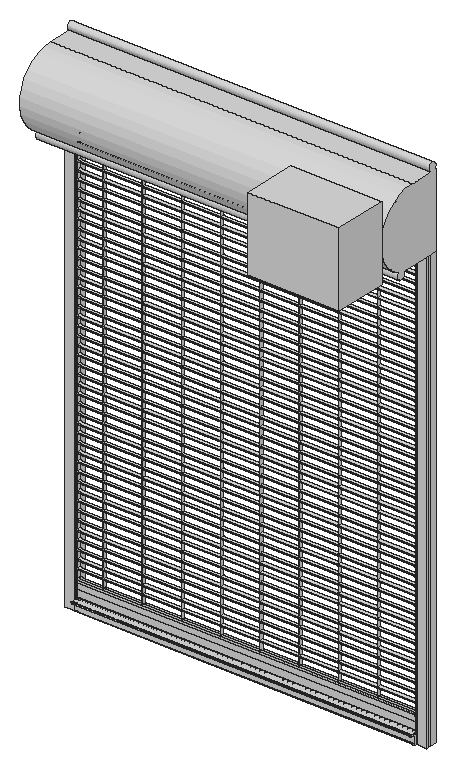
Revit family
Parameters (values of type "Motor Operated, Aluminium (Mill Finish), 9" Vertical Spacing")
  Spec Wizard = "http://www.clopaydoor.com/Quick-Specs-Wizard.aspx"
  Sizing Disclaimer = "Openings up to 40’ wide x 20’ high standard construction. Consult Clopay for larger sizes. "  # constant formula
  Sales Information = "http://www.clopaydoor.com/where-to-buy.aspx?type=dealer&stype=commercial"
  Product Options = "Open Curtain Brick Pattern, Glazed Curtain, Injection molded link curtain. High Cycle Construction (>20/day)"  # constant formula
  Product Features and Benefits = "http://www.clopaydoor.com/sliding-applications.aspx"
  Motor = yes
  Manufacturer Website = "http://www.clopaydoor.com"
  Manufacturer Phone Number = "1-800-526-4301"
  Manufacturer Address = "1400 W. Market St., Troy, OH 45373"
  Hand Crank = no
  Function = (empty or 0)
  File Revision = "00 (Feb, 2011)"
  Drip Extension = 0' - 5"
  Curtain Rods 2In OC Standard = Aluminum, mill finish
  CAD and Specifications = "http://www.clopaydoor.com/sliding-specs.aspx"
  Bottom Bar = Aluminum, mill finish
  Guides = Aluminum, mill finish
  Hood = Aluminum, mill finish
  Mounting = "Face of Wall "  # constant formula
  Wall Construction = "Self supporting tubes, Masonry, Steel or Wood"  # constant formula
  Vertical Spacing = 0' - 2"  # constant formula
  URL = "http://www.clopaydoor.com"
  Subcategory = "Roll Up"
  Shutter Width = Width + 2 * 0' 2 1/2" + 2 * 0' 0 15/32"  # 6' - 5 15/16"
  Shutter Height = Height - 0' 4 205/256"  # 7' - 7 51/256"
  Optional aluminum, color anodized finish = no
  Operator Height = 5' - 4"
  Operator = Operator : Motor Operator
  Horizontal Spacing = if(Curtain Spacing Vertical Chains 3In OC, 0' 3", if(Curtain Spacing Vertical Chains 6In OC, 0' 6", 0' 9"))  # 0' - 9"
  Operation = ""
  From Coil Side Operate on Right = yes
  From Coil Side Operate on Left = not(From Coil Side Operate on Right)  # no
  Curtain Spacing Vertical Chains 9In OC = yes
  Curtain Spacing Vertical Chains 6In OC = no
  Curtain Spacing Vertical Chains 3In OC = no
  Model = "CESG10"  # constant formula
  Manufacturer = "Clopay Building Products Company"  # constant formula
  Height = 8' - 0"
  Wall Closure = (empty or 0)
  Width = 6' - 0"
  Description = "Built to order, open curtain grilles provide security, visual access of separated areas."  # constant formula
  Construction Type = ""
  Assembly Code = "B2030410"
  95 CSI = "08330"  # constant formula
  Coil Dimension Note = "13” to 20” - Consult Clopay when dimensions are critical."  # constant formula
  Jamb Dimension Note = "5” to 6 1/2” wide. Consult Clopay when dimensions are critical. "  # constant formula
  04 CSI = "08 33 00"  # constant formula
  # Of Shutters = (Shutter Height / Vertical Spacing)  # 46
Reference planes (in)
  plane 1 "Center (Front/Back)": y = 0
  plane 2 "Center (Left/Right)": x = 36
  plane 3 "Left": x = 0
  plane 4 "Right": x = 72
  plane 5 "Top": z = 96
  plane 6 "Wall Edge": y = -4.25
  plane 7: y = -4.25
  plane 8 "Top of Hood": z = 118
  plane 9: y = -17.875
  plane 10: z = 101
  plane 11: z = 4.39975
  plane 12: z = 4.39975
  plane 13: z = 6.41361
  plane 14: z = 10.41361
  plane 15: y = -6.125
  plane 16: x = -5.5
  plane 17: x = 77.5
  plane 18: x = -3
  plane 19: x = 75
Forms (in)
  Sweep 1, solid, material "Aluminum, mill finish" <- "Guides"
    path origin (-95.55277, -6.125, 84) x (-1, 0, 0) y (0, 0, 1)
      loop
        line (-170.55277, -84) -> (-92.55277, -84)
    profile "Profile_BottomBar : Profile_BottomBar" origin (36, -6.125, 0) x (0, 0, 1) y (0, 1, 0)
      loop
        arc (2.58725, 0.14) -> (2.54306, 0.15831) -> (2.52475, 0.2025) r 0.0625
        line (2.52475, 0.2025) -> (2.52475, 1.9525)
        arc (2.52475, 1.9525) -> (2.50644, 1.99669) -> (2.46225, 2.015) r 0.0625
        line (2.46225, 2.015) -> (2.39975, 2.015) -> (2.39975, 0.015) -> (2.33875, 0.015) -> (2.33875, 0.157)
        arc (2.33875, 0.157) -> (2.24825, 0.2475) -> (2.15775, 0.157) r 0.0905
        line (2.15775, 0.157) -> (2.15775, 0.0625) -> (2.09375, 0.0625) -> (2.09375, 1.84625) -> (1.96875, 1.84625) -> (1.96875, 1.09625)
        arc (1.96875, 1.09625) -> (1.93214, 1.00786) -> (1.84375, 0.97125) r 0.125
        line (1.84375, 0.97125) -> (0.25, 0.97125)
        arc (0.25, 0.97125) -> (0.07322, 0.89803) -> (0, 0.72125) r 0.25
        line (0, 0.72125) -> (0, -0.77875)
        arc (0, -0.77875) -> (0.07322, -0.95553) -> (0.25, -1.02875) r 0.25
        line (0.25, -1.02875) -> (1.84375, -1.02875)
        arc (1.84375, -1.02875) -> (1.93214, -1.06536) -> (1.96875, -1.15375) r 0.125
        line (1.96875, -1.15375) -> (1.96875, -1.90375) -> (2.09375, -1.90375) -> (2.09375, -0.0625) -> (2.15775, -0.0625) -> (2.15775, -0.157)
        arc (2.15775, -0.157) -> (2.24825, -0.2475) -> (2.33875, -0.157) r 0.0905
        line (2.33875, -0.157) -> (2.33875, -0.015) -> (2.39975, -0.015) -> (2.39975, -2.015) -> (2.46225, -2.015)
        arc (2.46225, -2.015) -> (2.50644, -1.99669) -> (2.52475, -1.9525) r 0.0625
        line (2.52475, -1.9525) -> (2.52475, -0.2025)
        arc (2.52475, -0.2025) -> (2.54306, -0.15831) -> (2.58725, -0.14) r 0.0625
        line (2.58725, -0.14) -> (4.33725, -0.14)
        arc (4.33725, -0.14) -> (4.38144, -0.12169) -> (4.39975, -0.0775) r 0.0625
        line (4.39975, -0.0775) -> (4.39975, 0.0775)
        arc (4.39975, 0.0775) -> (4.38144, 0.12169) -> (4.33725, 0.14) r 0.0625
        line (4.33725, 0.14) -> (2.58725, 0.14)
  Sweep 2, solid, material "Aluminum, mill finish" <- "Guides"
    path origin (-60, -4.25, 0) x (1, 0, 0) y (0, 0, 1)
      loop
        line (137.5, 101) -> (137.5, 0)
    profile "Guide-Profile : Guide-Profile" origin (77.5, -4.25, 50.5) x (1, 0, 0) y (0, -1, 0)
      loop
        line (-2.5, 1.564) -> (-2.5, 0.062) -> (-2.375, 0) -> (-0.395, 0) -> (0, 0) -> (0, 1.438) -> (-0.063, 1.438) -> (-0.063, 2.1885) -> (0, 2.1885) -> (0, 2.501) -> (-2.375, 2.501) -> (-2.5, 2.439) -> (-2.5, 2.188) -> (-2.36, 2.188) -> (-2.36, 2.25) -> (-2.438, 2.25) -> (-2.438, 2.315) -> (-2.36, 2.315) -> (-2.36, 2.392) -> (-2.14, 2.392) -> (-2.14, 2.315) -> (-2.062, 2.315) -> (-2.062, 2.25) -> (-2.14, 2.25) -> (-2.14, 2.188) -> (-2, 2.188) -> (-2, 2.392) -> (-0.188, 2.392) -> (-0.188, 1.36) -> (-2, 1.36) -> (-2, 1.564) -> (-2.14, 1.564) -> (-2.14, 1.502) -> (-2.062, 1.502) -> (-2.062, 1.437) -> (-2.438, 1.437) -> (-2.438, 1.502) -> (-2.36, 1.502) -> (-2.36, 1.564) -> (-2.5, 1.564)
      loop
        line (-0.28474, 0.25) -> (-0.125, 0.25) -> (-0.125, 1.126)
        arc (-0.125, 1.126) -> (-0.16161, 1.21439) -> (-0.25, 1.251) r 0.125
        line (-0.25, 1.251) -> (-2.313, 1.251) -> (-2.313, 1.18866)
        arc (-2.313, 1.18866) -> (-2.3285, 1.16181) -> (-2.3595, 1.16181) r 0.031
        line (-2.3595, 1.16181) -> (-2.3915, 1.18029)
        arc (-2.3915, 1.18029) -> (-2.4225, 1.18029) -> (-2.438, 1.15344) r 0.031
        line (-2.438, 1.15344) -> (-2.438, 0.10046) -> (-2.36047, 0.062) -> (-0.457, 0.062) -> (-0.457, 0.16318) -> (-0.28474, 0.25)
  Sweep 3, solid, material "Aluminum, mill finish" <- "Guides"
    path origin (-60, -4.25, 0) x (1, 0, 0) y (0, 0, 1)
      loop
        line (54.5, 101) -> (54.5, 0)
    profile "Guide-Profile : Guide-Profile" origin (-5.5, -4.25, 50.5) x (1, 0, 0) y (0, -1, 0)
      loop
        line (2.5, 1.564) -> (2.36, 1.564) -> (2.36, 1.502) -> (2.438, 1.502) -> (2.438, 1.437) -> (2.062, 1.437) -> (2.062, 1.502) -> (2.14, 1.502) -> (2.14, 1.564) -> (2, 1.564) -> (2, 1.36) -> (0.188, 1.36) -> (0.188, 2.392) -> (2, 2.392) -> (2, 2.188) -> (2.14, 2.188) -> (2.14, 2.25) -> (2.062, 2.25) -> (2.062, 2.315) -> (2.14, 2.315) -> (2.14, 2.392) -> (2.36, 2.392) -> (2.36, 2.315) -> (2.438, 2.315) -> (2.438, 2.25) -> (2.36, 2.25) -> (2.36, 2.188) -> (2.5, 2.188) -> (2.5, 2.439) -> (2.375, 2.501) -> (0, 2.501) -> (0, 2.1885) -> (0.063, 2.1885) -> (0.063, 1.438) -> (0, 1.438) -> (0, 0) -> (0.395, 0) -> (2.375, 0) -> (2.5, 0.062) -> (2.5, 1.564)
      loop
        line (0.28474, 0.25) -> (0.457, 0.16318) -> (0.457, 0.062) -> (2.36047, 0.062) -> (2.438, 0.10046) -> (2.438, 1.15344)
        arc (2.438, 1.15344) -> (2.4225, 1.18029) -> (2.3915, 1.18029) r 0.031
        line (2.3915, 1.18029) -> (2.3595, 1.16181)
        arc (2.3595, 1.16181) -> (2.3285, 1.16181) -> (2.313, 1.18866) r 0.031
        line (2.313, 1.18866) -> (2.313, 1.251) -> (0.25, 1.251)
        arc (0.25, 1.251) -> (0.16161, 1.21439) -> (0.125, 1.126) r 0.125
        line (0.125, 1.126) -> (0.125, 0.25) -> (0.28474, 0.25)
  Sweep 4, solid, material "Aluminum, mill finish" <- "Bottom Bar"
    path origin (-95.55277, -6.125, 84) x (-1, 0, 0) y (0, 0, 1)
      loop
        line (-170.55277, -79.60025) -> (-92.55277, -79.60025)
    profile "Profile-Sill : Profile-Sill" origin (36, -6.125, 4.39975) x (0, 0, 1) y (0, 1, 0)
      loop
        line (0, -0.39468) -> (1.2138, -0.39468) -> (1.30422, -0.37378) -> (1.81639, -0.37378)
        arc (1.81639, -0.37378) -> (2.05512, -0.41278) -> (2.27526, -0.3125) r 0.41644
        line (2.27526, -0.3125) -> (2.22428, -0.3125)
        arc (2.22428, -0.3125) -> (1.63688, 0) -> (2.22428, 0.3125) r 0.37683
        line (2.22428, 0.3125) -> (2.27526, 0.3125)
        arc (2.27526, 0.3125) -> (2.14079, 0.39192) -> (1.98652, 0.41622) r 0.41644
        line (1.98652, 0.41622) -> (0, 0.41622) -> (0, -0.39468)
Lines and regions (in)
  Opening 1
    outline origin (-90, -4.25, 0) x (1, 0, 0) y (0, 0, 1)
      loop
        line (90, 0) -> (162, 0) -> (162, 96) -> (90, 96) -> (90, 0)
Text (in)
  text "Exterior" at (-74.96733, 27.31104, 0), in view "Ref. Level"
  text "Interior" at (-74.96733, -25.14366, 0), in view "Ref. Level"
  text "Exterior" at (0, 40.15149, 123.01588), in view "Right"
  text "Interior" at (0, -64.39139, 123.01588), in view "Right"
  text "Interior" at (0, -63.63426, 123.00693), in view "Left"
  text "Exterior" at (0, 54.57065, 123.00693), in view "Left"
Dimensions and locks (in)
  equal spacing: plane 3 "Left", plane 2 "Center (Left/Right)", plane 4 "Right"
  "Height": level to plane 5 "Top"
  "Width": plane 3 "Left" to plane 4 "Right"
  locked: plane 7 to plane 6 "Wall Edge"
  "Drip Extension": plane 10 to plane 5 "Top"
  locked: plane 8 "Top of Hood" to plane 10 at 17
  locked: level to plane 11 at 4.39975
  locked: level to plane 12 at 4.39975
  locked: plane 6 "Wall Edge" to plane 9 at 13.625
  locked: plane 13 to level at 6.41361
  equal spacing: group 1, group 2, group 3, group 4, group 5, group 6, group 7, group 8, group 9, group 10, group 11, group 12, group 13, group 14, group 15, group 16, group 17, group 18, group 19, group 20, group 21, group 22, group 23, group 24, group 25, group 26, group 27, group 28, group 29, group 30, group 31, group 32, group 33, group 34, group 35, group 36, group 37, group 38, group 39, group 40, group 41, group 42, group 43, group 44, group 45, group 46  (x3)
  locked: level to plane 14 at 10.41361
  locked: plane 6 "Wall Edge" to plane 15 at 1.875
  locked: plane 16 to plane 3 "Left" at 5.5
  locked: plane 4 "Right" to plane 17 at 5.5
  locked: plane 16 to plane 18 at 2.5
  locked: plane 19 to plane 17 at 2.5
  aligned and locked: plane 3 "Left" to Opening 1 sketch curve
  aligned and locked: plane 5 "Top" to Opening 1 sketch curve  (x2)
  aligned and locked: Opening 1 sketch curve to plane 4 "Right"
  aligned and locked: Opening 1 sketch curve to level
  aligned and locked: plane 6 "Wall Edge" to host wall
  aligned and locked: nested 1 to plane 2 "Center (Left/Right)"
  aligned and locked: nested 1 to host wall
  aligned and locked: level to Sweep 2 sketch curve
  aligned and locked: level to Sweep 3 sketch curve
  aligned and locked: Sweep 4 sketch curve to plane 12
  aligned and locked: nested 2 to plane 13
  aligned and locked: nested 3 to plane 2 "Center (Left/Right)"
  aligned and locked: nested 3 to plane 14
  aligned and locked: nested 2 to plane 15
  aligned and locked: nested 47 to plane 15
  aligned and locked: Sweep 3 sketch curve to plane 16
  aligned and locked: plane 17 to Sweep 2 sketch curve
  aligned and locked: plane 18 to Sweep 1 sketch curve
  aligned and locked: plane 19 to Sweep 1 sketch curve
  aligned and locked: Sweep 1 sketch curve to level
  aligned and locked: plane 19 to Sweep 4 sketch curve
  aligned and locked: plane 18 to Sweep 4 sketch curve
  aligned and locked: plane 10 to Sweep 3 sketch curve
  aligned and locked: plane 10 to Sweep 2 sketch curve
Nested families (in)
  nested 1: "Operator" at (36, -12.75, 13.50377), type <- "Operator", type "Motor Operator"
    with Right Motor Visible no, Motor yes, Left Motor Visible no
  nested 2: "Nested Gard Horizontal" at (-1.19082, -6.125, 9.81986), Shutter Material <- "Curtain Rods 2In OC Standard", Distance Horizontal Placement <- "Horizontal Spacing", type "Nested Gard Horizontal"
    with Shutter Material Aluminum, mill finish, No Of Stuts 9, Distance Horizontal Placement 0' - 9", Width 6' - 5 15/16"
  nested 3: "Nested Gard Horizontal" at (-1.19082, -6.125, 11.81986), Shutter Material <- "Curtain Rods 2In OC Standard", Distance Horizontal Placement <- "Horizontal Spacing", type "Nested Gard Horizontal"
    with Shutter Material Aluminum, mill finish, No Of Stuts 9, Distance Horizontal Placement 0' - 9", Width 6' - 5 15/16"
  nested 4: "Nested Gard Horizontal" at (-1.19082, -6.125, 13.81986), Shutter Material <- "Curtain Rods 2In OC Standard", Distance Horizontal Placement <- "Horizontal Spacing", type "Nested Gard Horizontal"
    with Shutter Material Aluminum, mill finish, No Of Stuts 9, Distance Horizontal Placement 0' - 9", Width 6' - 5 15/16"
  nested 5: "Nested Gard Horizontal" at (-1.19082, -6.125, 15.81986), Shutter Material <- "Curtain Rods 2In OC Standard", Distance Horizontal Placement <- "Horizontal Spacing", type "Nested Gard Horizontal"
    with Shutter Material Aluminum, mill finish, No Of Stuts 9, Distance Horizontal Placement 0' - 9", Width 6' - 5 15/16"
  nested 6: "Nested Gard Horizontal" at (-1.19082, -6.125, 17.81986), Shutter Material <- "Curtain Rods 2In OC Standard", Distance Horizontal Placement <- "Horizontal Spacing", type "Nested Gard Horizontal"
    with Shutter Material Aluminum, mill finish, No Of Stuts 9, Distance Horizontal Placement 0' - 9", Width 6' - 5 15/16"
  nested 7: "Nested Gard Horizontal" at (-1.19082, -6.125, 19.81986), Shutter Material <- "Curtain Rods 2In OC Standard", Distance Horizontal Placement <- "Horizontal Spacing", type "Nested Gard Horizontal"
    with Shutter Material Aluminum, mill finish, No Of Stuts 9, Distance Horizontal Placement 0' - 9", Width 6' - 5 15/16"
  nested 8: "Nested Gard Horizontal" at (-1.19082, -6.125, 21.81986), Shutter Material <- "Curtain Rods 2In OC Standard", Distance Horizontal Placement <- "Horizontal Spacing", type "Nested Gard Horizontal"
    with Shutter Material Aluminum, mill finish, No Of Stuts 9, Distance Horizontal Placement 0' - 9", Width 6' - 5 15/16"
  nested 9: "Nested Gard Horizontal" at (-1.19082, -6.125, 23.81986), Shutter Material <- "Curtain Rods 2In OC Standard", Distance Horizontal Placement <- "Horizontal Spacing", type "Nested Gard Horizontal"
    with Shutter Material Aluminum, mill finish, No Of Stuts 9, Distance Horizontal Placement 0' - 9", Width 6' - 5 15/16"
  nested 10: "Nested Gard Horizontal" at (-1.19082, -6.125, 25.81986), Shutter Material <- "Curtain Rods 2In OC Standard", Distance Horizontal Placement <- "Horizontal Spacing", type "Nested Gard Horizontal"
    with Shutter Material Aluminum, mill finish, No Of Stuts 9, Distance Horizontal Placement 0' - 9", Width 6' - 5 15/16"
  nested 11: "Nested Gard Horizontal" at (-1.19082, -6.125, 27.81986), Shutter Material <- "Curtain Rods 2In OC Standard", Distance Horizontal Placement <- "Horizontal Spacing", type "Nested Gard Horizontal"
    with Shutter Material Aluminum, mill finish, No Of Stuts 9, Distance Horizontal Placement 0' - 9", Width 6' - 5 15/16"
  nested 12: "Nested Gard Horizontal" at (-1.19082, -6.125, 29.81986), Shutter Material <- "Curtain Rods 2In OC Standard", Distance Horizontal Placement <- "Horizontal Spacing", type "Nested Gard Horizontal"
    with Shutter Material Aluminum, mill finish, No Of Stuts 9, Distance Horizontal Placement 0' - 9", Width 6' - 5 15/16"
  nested 13: "Nested Gard Horizontal" at (-1.19082, -6.125, 31.81986), Shutter Material <- "Curtain Rods 2In OC Standard", Distance Horizontal Placement <- "Horizontal Spacing", type "Nested Gard Horizontal"
    with Shutter Material Aluminum, mill finish, No Of Stuts 9, Distance Horizontal Placement 0' - 9", Width 6' - 5 15/16"
  nested 14: "Nested Gard Horizontal" at (-1.19082, -6.125, 33.81986), Shutter Material <- "Curtain Rods 2In OC Standard", Distance Horizontal Placement <- "Horizontal Spacing", type "Nested Gard Horizontal"
    with Shutter Material Aluminum, mill finish, No Of Stuts 9, Distance Horizontal Placement 0' - 9", Width 6' - 5 15/16"
  nested 15: "Nested Gard Horizontal" at (-1.19082, -6.125, 35.81986), Shutter Material <- "Curtain Rods 2In OC Standard", Distance Horizontal Placement <- "Horizontal Spacing", type "Nested Gard Horizontal"
    with Shutter Material Aluminum, mill finish, No Of Stuts 9, Distance Horizontal Placement 0' - 9", Width 6' - 5 15/16"
  nested 16: "Nested Gard Horizontal" at (-1.19082, -6.125, 37.81986), Shutter Material <- "Curtain Rods 2In OC Standard", Distance Horizontal Placement <- "Horizontal Spacing", type "Nested Gard Horizontal"
    with Shutter Material Aluminum, mill finish, No Of Stuts 9, Distance Horizontal Placement 0' - 9", Width 6' - 5 15/16"
  nested 17: "Nested Gard Horizontal" at (-1.19082, -6.125, 39.81986), Shutter Material <- "Curtain Rods 2In OC Standard", Distance Horizontal Placement <- "Horizontal Spacing", type "Nested Gard Horizontal"
    with Shutter Material Aluminum, mill finish, No Of Stuts 9, Distance Horizontal Placement 0' - 9", Width 6' - 5 15/16"
  nested 18: "Nested Gard Horizontal" at (-1.19082, -6.125, 41.81986), Shutter Material <- "Curtain Rods 2In OC Standard", Distance Horizontal Placement <- "Horizontal Spacing", type "Nested Gard Horizontal"
    with Shutter Material Aluminum, mill finish, No Of Stuts 9, Distance Horizontal Placement 0' - 9", Width 6' - 5 15/16"
  nested 19: "Nested Gard Horizontal" at (-1.19082, -6.125, 43.81986), Shutter Material <- "Curtain Rods 2In OC Standard", Distance Horizontal Placement <- "Horizontal Spacing", type "Nested Gard Horizontal"
    with Shutter Material Aluminum, mill finish, No Of Stuts 9, Distance Horizontal Placement 0' - 9", Width 6' - 5 15/16"
  nested 20: "Nested Gard Horizontal" at (-1.19082, -6.125, 45.81986), Shutter Material <- "Curtain Rods 2In OC Standard", Distance Horizontal Placement <- "Horizontal Spacing", type "Nested Gard Horizontal"
    with Shutter Material Aluminum, mill finish, No Of Stuts 9, Distance Horizontal Placement 0' - 9", Width 6' - 5 15/16"
  nested 21: "Nested Gard Horizontal" at (-1.19082, -6.125, 47.81986), Shutter Material <- "Curtain Rods 2In OC Standard", Distance Horizontal Placement <- "Horizontal Spacing", type "Nested Gard Horizontal"
    with Shutter Material Aluminum, mill finish, No Of Stuts 9, Distance Horizontal Placement 0' - 9", Width 6' - 5 15/16"
  nested 22: "Nested Gard Horizontal" at (-1.19082, -6.125, 49.81986), Shutter Material <- "Curtain Rods 2In OC Standard", Distance Horizontal Placement <- "Horizontal Spacing", type "Nested Gard Horizontal"
    with Shutter Material Aluminum, mill finish, No Of Stuts 9, Distance Horizontal Placement 0' - 9", Width 6' - 5 15/16"
  nested 23: "Nested Gard Horizontal" at (-1.19082, -6.125, 51.81986), Shutter Material <- "Curtain Rods 2In OC Standard", Distance Horizontal Placement <- "Horizontal Spacing", type "Nested Gard Horizontal"
    with Shutter Material Aluminum, mill finish, No Of Stuts 9, Distance Horizontal Placement 0' - 9", Width 6' - 5 15/16"
  nested 24: "Nested Gard Horizontal" at (-1.19082, -6.125, 53.81986), Shutter Material <- "Curtain Rods 2In OC Standard", Distance Horizontal Placement <- "Horizontal Spacing", type "Nested Gard Horizontal"
    with Shutter Material Aluminum, mill finish, No Of Stuts 9, Distance Horizontal Placement 0' - 9", Width 6' - 5 15/16"
  nested 25: "Nested Gard Horizontal" at (-1.19082, -6.125, 55.81986), Shutter Material <- "Curtain Rods 2In OC Standard", Distance Horizontal Placement <- "Horizontal Spacing", type "Nested Gard Horizontal"
    with Shutter Material Aluminum, mill finish, No Of Stuts 9, Distance Horizontal Placement 0' - 9", Width 6' - 5 15/16"
  nested 26: "Nested Gard Horizontal" at (-1.19082, -6.125, 57.81986), Shutter Material <- "Curtain Rods 2In OC Standard", Distance Horizontal Placement <- "Horizontal Spacing", type "Nested Gard Horizontal"
    with Shutter Material Aluminum, mill finish, No Of Stuts 9, Distance Horizontal Placement 0' - 9", Width 6' - 5 15/16"
  nested 27: "Nested Gard Horizontal" at (-1.19082, -6.125, 59.81986), Shutter Material <- "Curtain Rods 2In OC Standard", Distance Horizontal Placement <- "Horizontal Spacing", type "Nested Gard Horizontal"
    with Shutter Material Aluminum, mill finish, No Of Stuts 9, Distance Horizontal Placement 0' - 9", Width 6' - 5 15/16"
  nested 28: "Nested Gard Horizontal" at (-1.19082, -6.125, 61.81986), Shutter Material <- "Curtain Rods 2In OC Standard", Distance Horizontal Placement <- "Horizontal Spacing", type "Nested Gard Horizontal"
    with Shutter Material Aluminum, mill finish, No Of Stuts 9, Distance Horizontal Placement 0' - 9", Width 6' - 5 15/16"
  nested 29: "Nested Gard Horizontal" at (-1.19082, -6.125, 63.81986), Shutter Material <- "Curtain Rods 2In OC Standard", Distance Horizontal Placement <- "Horizontal Spacing", type "Nested Gard Horizontal"
    with Shutter Material Aluminum, mill finish, No Of Stuts 9, Distance Horizontal Placement 0' - 9", Width 6' - 5 15/16"
  nested 30: "Nested Gard Horizontal" at (-1.19082, -6.125, 65.81986), Shutter Material <- "Curtain Rods 2In OC Standard", Distance Horizontal Placement <- "Horizontal Spacing", type "Nested Gard Horizontal"
    with Shutter Material Aluminum, mill finish, No Of Stuts 9, Distance Horizontal Placement 0' - 9", Width 6' - 5 15/16"
  nested 31: "Nested Gard Horizontal" at (-1.19082, -6.125, 67.81986), Shutter Material <- "Curtain Rods 2In OC Standard", Distance Horizontal Placement <- "Horizontal Spacing", type "Nested Gard Horizontal"
    with Shutter Material Aluminum, mill finish, No Of Stuts 9, Distance Horizontal Placement 0' - 9", Width 6' - 5 15/16"
  nested 32: "Nested Gard Horizontal" at (-1.19082, -6.125, 69.81986), Shutter Material <- "Curtain Rods 2In OC Standard", Distance Horizontal Placement <- "Horizontal Spacing", type "Nested Gard Horizontal"
    with Shutter Material Aluminum, mill finish, No Of Stuts 9, Distance Horizontal Placement 0' - 9", Width 6' - 5 15/16"
  nested 33: "Nested Gard Horizontal" at (-1.19082, -6.125, 71.81986), Shutter Material <- "Curtain Rods 2In OC Standard", Distance Horizontal Placement <- "Horizontal Spacing", type "Nested Gard Horizontal"
    with Shutter Material Aluminum, mill finish, No Of Stuts 9, Distance Horizontal Placement 0' - 9", Width 6' - 5 15/16"
  nested 34: "Nested Gard Horizontal" at (-1.19082, -6.125, 73.81986), Shutter Material <- "Curtain Rods 2In OC Standard", Distance Horizontal Placement <- "Horizontal Spacing", type "Nested Gard Horizontal"
    with Shutter Material Aluminum, mill finish, No Of Stuts 9, Distance Horizontal Placement 0' - 9", Width 6' - 5 15/16"
  nested 35: "Nested Gard Horizontal" at (-1.19082, -6.125, 75.81986), Shutter Material <- "Curtain Rods 2In OC Standard", Distance Horizontal Placement <- "Horizontal Spacing", type "Nested Gard Horizontal"
    with Shutter Material Aluminum, mill finish, No Of Stuts 9, Distance Horizontal Placement 0' - 9", Width 6' - 5 15/16"
  nested 36: "Nested Gard Horizontal" at (-1.19082, -6.125, 77.81986), Shutter Material <- "Curtain Rods 2In OC Standard", Distance Horizontal Placement <- "Horizontal Spacing", type "Nested Gard Horizontal"
    with Shutter Material Aluminum, mill finish, No Of Stuts 9, Distance Horizontal Placement 0' - 9", Width 6' - 5 15/16"
  nested 37: "Nested Gard Horizontal" at (-1.19082, -6.125, 79.81986), Shutter Material <- "Curtain Rods 2In OC Standard", Distance Horizontal Placement <- "Horizontal Spacing", type "Nested Gard Horizontal"
    with Shutter Material Aluminum, mill finish, No Of Stuts 9, Distance Horizontal Placement 0' - 9", Width 6' - 5 15/16"
  nested 38: "Nested Gard Horizontal" at (-1.19082, -6.125, 81.81986), Shutter Material <- "Curtain Rods 2In OC Standard", Distance Horizontal Placement <- "Horizontal Spacing", type "Nested Gard Horizontal"
    with Shutter Material Aluminum, mill finish, No Of Stuts 9, Distance Horizontal Placement 0' - 9", Width 6' - 5 15/16"
  nested 39: "Nested Gard Horizontal" at (-1.19082, -6.125, 83.81986), Shutter Material <- "Curtain Rods 2In OC Standard", Distance Horizontal Placement <- "Horizontal Spacing", type "Nested Gard Horizontal"
    with Shutter Material Aluminum, mill finish, No Of Stuts 9, Distance Horizontal Placement 0' - 9", Width 6' - 5 15/16"
  nested 40: "Nested Gard Horizontal" at (-1.19082, -6.125, 85.81986), Shutter Material <- "Curtain Rods 2In OC Standard", Distance Horizontal Placement <- "Horizontal Spacing", type "Nested Gard Horizontal"
    with Shutter Material Aluminum, mill finish, No Of Stuts 9, Distance Horizontal Placement 0' - 9", Width 6' - 5 15/16"
  nested 41: "Nested Gard Horizontal" at (-1.19082, -6.125, 87.81986), Shutter Material <- "Curtain Rods 2In OC Standard", Distance Horizontal Placement <- "Horizontal Spacing", type "Nested Gard Horizontal"
    with Shutter Material Aluminum, mill finish, No Of Stuts 9, Distance Horizontal Placement 0' - 9", Width 6' - 5 15/16"
  nested 42: "Nested Gard Horizontal" at (-1.19082, -6.125, 89.81986), Shutter Material <- "Curtain Rods 2In OC Standard", Distance Horizontal Placement <- "Horizontal Spacing", type "Nested Gard Horizontal"
    with Shutter Material Aluminum, mill finish, No Of Stuts 9, Distance Horizontal Placement 0' - 9", Width 6' - 5 15/16"
  nested 43: "Nested Gard Horizontal" at (-1.19082, -6.125, 91.81986), Shutter Material <- "Curtain Rods 2In OC Standard", Distance Horizontal Placement <- "Horizontal Spacing", type "Nested Gard Horizontal"
    with Shutter Material Aluminum, mill finish, No Of Stuts 9, Distance Horizontal Placement 0' - 9", Width 6' - 5 15/16"
  nested 44: "Nested Gard Horizontal" at (-1.19082, -6.125, 93.81986), Shutter Material <- "Curtain Rods 2In OC Standard", Distance Horizontal Placement <- "Horizontal Spacing", type "Nested Gard Horizontal"
    with Shutter Material Aluminum, mill finish, No Of Stuts 9, Distance Horizontal Placement 0' - 9", Width 6' - 5 15/16"
  nested 45: "Nested Gard Horizontal" at (-1.19082, -6.125, 95.81986), Shutter Material <- "Curtain Rods 2In OC Standard", Distance Horizontal Placement <- "Horizontal Spacing", type "Nested Gard Horizontal"
    with Shutter Material Aluminum, mill finish, No Of Stuts 9, Distance Horizontal Placement 0' - 9", Width 6' - 5 15/16"
  nested 46: "Nested Gard Horizontal" at (-1.19082, -6.125, 97.81986), Shutter Material <- "Curtain Rods 2In OC Standard", Distance Horizontal Placement <- "Horizontal Spacing", type "Nested Gard Horizontal"
    with Shutter Material Aluminum, mill finish, No Of Stuts 9, Distance Horizontal Placement 0' - 9", Width 6' - 5 15/16"
  nested 47: "Nested Gard Horizontal" at (-1.19082, -6.125, 99.81986), Shutter Material <- "Curtain Rods 2In OC Standard", Distance Horizontal Placement <- "Horizontal Spacing", type "Nested Gard Horizontal"
    with Shutter Material Aluminum, mill finish, No Of Stuts 9, Distance Horizontal Placement 0' - 9", Width 6' - 5 15/16"
Definition of nested family "Operator"
  Parameters (values of type "Push-UP")
    Width = 6' - 0"
    Roller Chamber = Galvanized steel curtain, galvanized or powder coated plain steel components
    Right Motor Visible = not(Motor)  # yes
    Right = yes
    Pull = yes
    Operator Height = Height / 1.5  # 5' - 4"
    Motor = no
    Material = Galvanized steel curtain, galvanized or powder coated plain steel components
    Line = yes
    Left Motor Visible = not(Motor)  # yes
    Left = yes
    Height = 8' - 0"
    Hand Crank = no
    Default Elevation = 4' - 0"
    Bottom Bar = Galvanized steel curtain, galvanized or powder coated plain steel components
    Assembly Code = ""
  Types (3): name | Pull | Line | Left | Hand Crank
    Hand-Crank | no | yes | no | yes
    Push-UP | yes | yes | yes | no
    Motor Operator | no | no | no | no
  Reference planes (in)
    plane 1 "Center (Front/Back)": y = 0
    plane 2: z = 0
    plane 3 "Center (Left/Right)": x = 0
    plane 4: x = -36
    plane 5: x = 36
    plane 6: z = 96
    plane 7: y = 8.5
    plane 8: z = 87.49623
    plane 9: x = -42.75
    plane 10: x = 42.75
    plane 11: y = -27.30859
    plane 12: y = -12
    plane 13: y = 6.625
    plane 14: x = -31.5
    plane 15: x = 31.5
    plane 16: x = -41.5
    plane 17: x = 41.5
    plane 18: y = -7
  Forms (in)
    Sweep 1, solid, material "Galvanized steel curtain, galvanized or powder coated plain steel components" <- "Bottom Bar"
      path origin (-42.75, -180, 87.49623) x (0, -1, 0) y (1, 0, 0)
        loop
          line (-188.5, 1.25) -> (-188.5, 84.25)
      profile "Profile_Hood : Profile_Hood" origin (0, 8.5, 87.49623) x (0, 1, 0) y (0, 0, 1)
        loop
          line (0, 17.00082) -> (-0.66297, 17.00082)
          arc (-0.66297, 17.00082) -> (-0.89238, 18.75273) -> (-1.11545, 17) r 0.89077
          line (-1.11545, 17) -> (-6.66169, 17)
          arc (-6.66169, 17) -> (-15.27701, 10.13452) -> (-10.5078, 0.2041) r 8.83831
          arc (-10.5078, 0.2041) -> (-10.12608, -1.3946) -> (-9.25623, 0) r 0.89077
          line (-9.25623, 0) -> (0, 0) -> (0, 17.00082)
    Sweep 2, solid, material "Galvanized steel curtain, galvanized or powder coated plain steel components" <- "Bottom Bar"
      path origin (-42.75, -180, 87.49623) x (0, -1, 0) y (1, 0, 0)
        loop
          line (-188.5, 1.25) -> (-188.5, 84.25)
      profile "Profile_Hood : Profile_Hood" origin (0, 8.5, 87.49623) x (0, 1, 0) y (0, 0, 1)
        loop
          line (0, 17.00082) -> (-0.66297, 17.00082)
          arc (-0.66297, 17.00082) -> (-0.89238, 18.75273) -> (-1.11545, 17) r 0.89077
          line (-1.11545, 17) -> (-6.66169, 17)
          arc (-6.66169, 17) -> (-15.27701, 10.13452) -> (-10.5078, 0.2041) r 8.83831
          arc (-10.5078, 0.2041) -> (-10.12608, -1.3946) -> (-9.25623, 0) r 0.89077
          line (-9.25623, 0) -> (0, 0) -> (0, 17.00082)
    Sweep 3, solid, material "Galvanized steel curtain, galvanized or powder coated plain steel components" <- "Roller Chamber"
      path origin (-42.75, -180, 87.49623) x (0, -1, 0) y (1, 0, 0)
        loop
          line (-188.5, 1.25) -> (-188.5, 84.25)
      profile "Profile_Hood : Profile_Hood" origin (0, 8.5, 87.49623) x (0, 1, 0) y (0, 0, 1)
        loop
          line (0, 17.00082) -> (-0.66297, 17.00082)
          arc (-0.66297, 17.00082) -> (-0.89238, 18.75273) -> (-1.11545, 17) r 0.89077
          line (-1.11545, 17) -> (-6.66169, 17)
          arc (-6.66169, 17) -> (-15.27701, 10.13452) -> (-10.5078, 0.2041) r 8.83831
          arc (-10.5078, 0.2041) -> (-10.12608, -1.3946) -> (-9.25623, 0) r 0.89077
          line (-9.25623, 0) -> (0, 0) -> (0, 17.00082)
  Lines and regions (in)
    symbolic lines, style "GenericModelHiddenLines"
      curve 1: line (-41.5, 8.5, 0) -> (-41.5, -7, 0)
      curve 3: line (41.5, -7, 0) -> (41.5, 8.5, 0)
    symbolic lines, style "GenericModelHiddenLines", visible <- "Line"
      curve 2: line (-41.5, -7, 0) -> (41.5, -7, 0)
    symbolic lines, style "GenericModelHiddenLines", visible <- "Left"
      curve 4: line (-20.5, -7, 0) -> (41.5, -7, 0)
    symbolic lines, style "GenericModelHiddenLines", visible <- "Right"
      curve 5: line (-41.5, -7, 0) -> (20.5, -7, 0)
    symbolic lines, style "GenericModelHiddenLines", visible <- "Right Motor Visible"
      curve 6: line (20.5, -7, 0) -> (41.5, -7, 0)
    symbolic lines, style "GenericModelHiddenLines", visible <- "Left Motor Visible"
      curve 7: line (-41.5, -7, 0) -> (-20.5, -7, 0)
  Dimensions and locks (in)
    equal spacing: plane 4, plane 3 "Center (Left/Right)", plane 5
    "Width": plane 4 to plane 5
    "Height": plane 6 to level
    locked: plane 7 to plane 1 "Center (Front/Back)" at 8.5
    locked: plane 6 to plane 8 at 8.50377
    locked: plane 7 to plane 11 at 35.80859
    locked: plane 7 to plane 13 at 1.875
    locked: plane 15 to plane 5 at 4.5
    locked: plane 4 to plane 14 at 4.5
    locked: plane 16 to plane 4 at 5.5
    locked: plane 17 to plane 5 at 5.5
    locked: plane 18 to plane 7 at 15.5
    aligned and locked: nested 2 to plane 6
    aligned and locked: plane 7 to Sweep 1 sketch curve
    aligned and locked: Sweep 1 to nested 1
    aligned and locked: nested 2 to Sweep 1
    aligned and locked: plane 7 to Sweep 2 sketch curve
    aligned and locked: plane 7 to Sweep 3 sketch curve
    aligned and locked: plane 6 to nested 1
    aligned and locked: plane 16 to Sweep 2 sketch curve
    aligned and locked: plane 17 to Sweep 2 sketch curve
    aligned and locked: plane 16 to Sweep 3 sketch curve
    aligned and locked: plane 17 to Sweep 3 sketch curve
    aligned and locked: plane 16 to Sweep 1 sketch curve
    aligned and locked: plane 17 to Sweep 1 sketch curve
    aligned and locked: plane 7 to curve 1
    aligned and locked: plane 7 to curve 3
    aligned and locked: plane 18 to curve 3
    aligned and locked: curve 1 to plane 16
    aligned and locked: nested 2 to curve 4
    aligned and locked: plane 18 to curve 4
    aligned and locked: nested 1 to curve 5
    aligned and locked: plane 18 to curve 5
    aligned and locked: nested 2 to Sweep 3
    aligned and locked: Sweep 3 to nested 1
    aligned and locked: nested 1 to curve 6
    aligned and locked: curve 5 to curve 6
    aligned and locked: nested 2 to curve 7
  Nested families (in)
    nested 1: "Pull-Down-Pole" at (47.375, 0.125, 32), visible <- "Right", type "Pull"
    nested 2: "Pull-Down-Pole" at (-47.375, 0.125, 32) x (-1, 0, 0) z (0, 0, 1), visible <- "Left", type "Pull 2"
  Definition of nested family "Pull-Down-Pole"
    Parameters (values of type "Pull 2")
      Push Up = yes
      Motor = no
      Material = Stainless steel
      Hood = Stainless steel
      Height = 5' - 4"
      Hand Crank = no
      Bottom Bar = Stainless steel
      Assembly Code = ""
    Types (2): name
      Pull 2
      Pull
    Reference planes (in)
      plane 1 "Center (Front/Back)": y = 0
      plane 2: z = 0
      plane 3 "Center (Left/Right)": x = 0
      plane 4: z = 64
      plane 5: y = -7
      plane 6: y = -19.30859
      plane 7: x = -3.625
      plane 8: x = -5.875
      plane 9: x = -1.375
    Forms (in)
      Extrusion 1, solid, material "Stainless steel" <- "Material", visible <- "Motor"
        sketch origin (0, 0, 0) x (1, 0, 0) y (0, 0, 1)
          loop
            line (-26.875, 72.49609) -> (-26.875, 55.49609) -> (-5.875, 55.49609) -> (-5.875, 72.49609) -> (-26.875, 72.49609)
        from 7 to 19.30859
      Extrusion 2, solid, material "Stainless steel" <- "Bottom Bar", visible <- "Push Up"
        sketch origin (-9.625, -8.75, 56.81318) x (0, 0, 1) y (0, -1, 0)
          loop
            line (15.68682, -17.125) -> (15.68682, -10.46331)
            arc (15.68682, -10.46331) -> (8.5777, -1.79581) -> (-1.31318, -7.07176) r 8.83831
            line (-1.31318, -7.07176) -> (-1.31318, -17.125) -> (15.68682, -17.125)
        from 3.75 to 8.25
      Extrusion 3, solid, material "Stainless steel" <- "Bottom Bar", visible <- "Hand Crank"
        sketch origin (-5.875, -5.3125, 56.81318) x (0, 0, -1) y (0, -1, 0)
          loop
            line (-15.68682, -7.08831) -> (-15.68682, -13.6875) -> (1.31318, -13.6875) -> (1.31318, -3.69676)
            arc (1.31318, -3.69676) -> (-8.5777, 1.57919) -> (-15.68682, -7.08831) r 8.83831
        from -4.5 to 0
    Lines and regions (in)
      symbolic lines, style "GenericModelHiddenLines", visible <- "Motor"
        curve 1: line (-26.875, -19.30859, 0) -> (-26.875, -7, 0)
        curve 2: line (-26.875, -19.30859, 0) -> (-5.875, -19.30859, 0)
        curve 3: line (-5.875, -19.30859, 0) -> (-5.875, -7, 0)
    Dimensions and locks (in)
      "Height": plane 4 to level
      locked: plane 3 "Center (Left/Right)" to Extrusion 1 sketch curve at 5.875
      locked: Extrusion 1 sketch curve to Extrusion 1 sketch curve at 21
      locked: plane 4 to Extrusion 1 sketch curve at 8.50391
      locked: Extrusion 1 sketch curve to plane 4 at 8.49609
      locked: plane 1 "Center (Front/Back)" to plane 5 at 7
      locked: plane 5 to plane 6 at 12.30859
      Extrusion 2 to plane 7 = 0' - 2 1/4"
      locked: plane 8 to plane 9 at 4.5
      equal spacing: plane 8, plane 7, plane 9
      plane 5 to plane 1 "Center (Front/Back)" = 0' - 7"
      plane 1 "Center (Front/Back)" to Extrusion 3 sketch curve = 0' - 8 3/8"
      Extrusion 2 to plane 4 = 0' - 8 1/2"
      aligned and locked: plane 5 to Extrusion 1
      aligned and locked: plane 6 to Extrusion 1
      aligned and locked: plane 4 to nested 1
      aligned and locked: plane 7 to nested 1
      aligned and locked: plane 1 "Center (Front/Back)" to nested 1
      aligned and locked: Extrusion 2 to Extrusion 3
      aligned and locked: Extrusion 3 to plane 9
      aligned and locked: Extrusion 2 to plane 9
      aligned and locked: plane 5 to curve 1
      aligned and locked: plane 6 to curve 1
      aligned and locked: plane 5 to curve 3
      aligned and locked: plane 6 to curve 3
      aligned and locked: Extrusion 1 to curve 2
      aligned and locked: curve 2 to Extrusion 1
    Automatic sketch dimensions
      Extrusion 2 sketch curve to plane 4 = 0' - 8 1/2"
      Extrusion 2 sketch curve to plane 4 = 0' - 0.33831"
      Extrusion 2 sketch curve to plane 1 "Center (Front/Back)" = 0' - 1.71331"
      Extrusion 2 sketch curve to Extrusion 2 sketch curve = 0' - 8.83831"
      Extrusion 3 sketch curve to Extrusion 2 = 0' - 0"  (x2)
      Extrusion 3 sketch curve to Extrusion 2 = 0' - 8.16169"
      Extrusion 3 sketch curve to Extrusion 3 sketch curve = 0' - 6.59919"
      Extrusion 2 sketch curve to plane 1 "Center (Front/Back)" = 0' - 8 3/8"
    Nested families (in)
      nested 1: "Hand Crank" at (-3.625, 0, 0), type "Pull"
        with Crank Visibility no
    Definition of nested family "Hand Crank"
      Parameters (values of type "Pull 2")
        Pull Visibility = no
        Material = none
        Height = 5' - 4"
        Crank Visibility = yes
        Chain Visibility = no
        Assembly Code = ""
      Types (2): name
        Pull
        Pull 2
      Reference planes (in)
        plane 1 "Center (Front/Back)": y = 0
        plane 2: z = 0
        plane 3 "Center (Left/Right)": x = 0
        plane 4: z = 64
      Forms (in)
        Extrusion 1, solid, material <- "Material", visible <- "Crank Visibility"
          sketch origin (0.49219, 0, -9.71913) x (1, 0, 0) y (0, 1, 0)
            loop
              circle (-0.49219, 0) r 0.3635
          from 27.71913 to 73.71913
        Revolve 2, solid, material <- "Material", visible <- "Crank Visibility"
          sketch origin (0.48828, 0, 0) x (1, 0, 0) y (0, 0, 1)
            loop
              line (-0.00839, 16.40625) -> (-0.00839, 17.75)
              arc (-0.00839, 17.75) -> (0.0137, 17.75915) -> (0.02286, 17.78125) r 0.03125
              line (0.02286, 17.78125) -> (0.02286, 17.96875)
              arc (0.02286, 17.96875) -> (0.0137, 17.99085) -> (-0.00839, 18) r 0.03125
              line (-0.00839, 18) -> (-0.12478, 18) -> (-0.25839, 16.375) -> (-0.03964, 16.375)
              arc (-0.03964, 16.375) -> (-0.01755, 16.38415) -> (-0.00839, 16.40625) r 0.03125
            axis (-0.5, 16.375) -> (-0.5, 18)
          angle from 0 to 360
        Extrusion 3, solid, material <- "Material", visible <- "Crank Visibility"
          sketch origin (0.48828, 0, -9.71913) x (1, 0, 0) y (0, 1, 0)
            loop
              circle (-0.5, 0) r 0.24161
          from 24.71913 to 26.09413
        Revolve 4, solid, material <- "Material", visible <- "Crank Visibility"
          sketch origin (0.48828, 0, -33.71913) x (1, 0, 0) y (0, 0, 1)
            loop
              line (-0.10214, 48.71913) -> (-0.5, 48.71913) -> (-0.5, 44.28163) -> (-0.10214, 44.28163)
              arc (-0.10214, 44.28163) -> (-0.08321, 44.29598) -> (-0.06782, 44.31409) r 0.10929
              arc (-0.06782, 44.31409) -> (-0.0568, 44.33489) -> (-0.05048, 44.35756) r 0.10929
              arc (-0.05048, 44.35756) -> (-0.04908, 44.37899) -> (-0.05189, 44.40028) r 0.10929
              arc (-0.05189, 44.40028) -> (-0.06078, 44.4247) -> (-0.07518, 44.44633) r 0.10929
              arc (-0.07518, 44.44633) -> (-0.08774, 44.45883) -> (-0.10214, 44.46913) r 0.10929
              line (-0.10214, 44.46913) -> (-0.25839, 44.46913) -> (-0.25839, 44.53163) -> (-0.03964, 44.53163)
              arc (-0.03964, 44.53163) -> (0.02286, 46.50038) -> (-0.03964, 48.46913) r 31.03906
              line (-0.03964, 48.46913) -> (-0.25839, 48.46913) -> (-0.25839, 48.53163) -> (-0.10214, 48.53163)
              arc (-0.10214, 48.53163) -> (-0.089, 48.54117) -> (-0.07741, 48.55254) r 0.11027
              arc (-0.07741, 48.55254) -> (-0.06715, 48.5662) -> (-0.05913, 48.58129) r 0.11027
              arc (-0.05913, 48.58129) -> (-0.05268, 48.60089) -> (-0.05, 48.62136) r 0.11027
              arc (-0.05, 48.62136) -> (-0.05282, 48.65047) -> (-0.06319, 48.67782) r 0.11027
              arc (-0.06319, 48.67782) -> (-0.07996, 48.70102) -> (-0.10214, 48.71913) r 0.11027
            axis (-0.5, 44.28163) -> (-0.5, 48.71913)
          angle from 0 to 360
        Revolve 5, solid, material <- "Material", visible <- "Crank Visibility"
          sketch origin (0.48828, 0, 0) x (1, 0, 0) y (0, 0, 1)
            loop
              line (-7.10196, 4.6875) -> (-7.49981, 4.6875) -> (-7.49981, 0) -> (-7.28964, 0) -> (-7.25839, 0.03125) -> (-7.25839, 0.25) -> (-7.10196, 0.25)
              arc (-7.10196, 0.25) -> (-7.08302, 0.26435) -> (-7.06764, 0.28246) r 0.10929
              arc (-7.06764, 0.28246) -> (-7.05661, 0.30326) -> (-7.0503, 0.32593) r 0.10929
              arc (-7.0503, 0.32593) -> (-7.04889, 0.34736) -> (-7.05171, 0.36865) r 0.10929
              arc (-7.05171, 0.36865) -> (-7.0606, 0.39307) -> (-7.075, 0.4147) r 0.10929
              arc (-7.075, 0.4147) -> (-7.08755, 0.4272) -> (-7.10196, 0.4375) r 0.10929
              line (-7.10196, 0.4375) -> (-7.25821, 0.4375) -> (-7.25821, 0.5) -> (-7.03946, 0.5)
              arc (-7.03946, 0.5) -> (-6.97696, 2.46875) -> (-7.03946, 4.4375) r 31.03906
              line (-7.03946, 4.4375) -> (-7.25821, 4.4375) -> (-7.25821, 4.5) -> (-7.10196, 4.5)
              arc (-7.10196, 4.5) -> (-7.08882, 4.50954) -> (-7.07722, 4.52091) r 0.11027
              arc (-7.07722, 4.52091) -> (-7.06696, 4.53457) -> (-7.05894, 4.54966) r 0.11027
              arc (-7.05894, 4.54966) -> (-7.05249, 4.56926) -> (-7.04981, 4.58973) r 0.11027
              arc (-7.04981, 4.58973) -> (-7.05263, 4.61884) -> (-7.06301, 4.64619) r 0.11027
              arc (-7.06301, 4.64619) -> (-7.07978, 4.66939) -> (-7.10196, 4.6875) r 0.11027
            axis (-7.49981, 0) -> (-7.49981, 4.6875)
          angle from 0 to 360
        Sweep 6, solid, material <- "Material", visible <- "Crank Visibility"
          path origin (0.48828, 0, 0) x (1, 0, 0) y (0, 0, 1)
            loop
              arc (-7.49004, 4.6119) -> (-7.47789, 4.71547) -> (-7.45023, 4.816) r 0.6875
              arc (-7.45023, 4.816) -> (-7.43834, 4.84678) -> (-7.42499, 4.87696) r 0.6875
              arc (-7.42499, 4.87696) -> (-7.41762, 4.89212) -> (-7.40987, 4.9071) r 0.6875
              arc (-7.40987, 4.9071) -> (-7.38741, 4.94613) -> (-7.36243, 4.98361) r 0.6875
              arc (-7.36243, 4.98361) -> (-7.33964, 5.01371) -> (-7.31523, 5.04252) r 0.6875
              arc (-7.31523, 5.04252) -> (-7.29391, 5.06527) -> (-7.27158, 5.08702) r 0.6875
              line (-7.27158, 5.08702) -> (-0.63776, 10.21872)
              arc (-0.63776, 10.21872) -> (-0.61587, 10.24313) -> (-0.59517, 10.26856) r 0.6875
              arc (-0.59517, 10.26856) -> (-0.57706, 10.29302) -> (-0.56005, 10.31826) r 0.6875
              arc (-0.56005, 10.31826) -> (-0.54767, 10.33829) -> (-0.53598, 10.35873) r 0.6875
              arc (-0.53598, 10.35873) -> (-0.52266, 10.38421) -> (-0.51043, 10.41023) r 0.6875
              arc (-0.51043, 10.41023) -> (-0.49993, 10.43513) -> (-0.49042, 10.46042) r 0.6875
              arc (-0.49042, 10.46042) -> (-0.47982, 10.49292) -> (-0.47085, 10.5259) r 0.6875
              arc (-0.47085, 10.5259) -> (-0.46028, 10.57739) -> (-0.45368, 10.62953) r 0.6875
          profile origin (-3.46639, 0, 7.65287) x (-0.611862, 0, 0.790964) y (0, -1, 0)
            loop
              circle (0, 0) r 0.21875
      Dimensions and locks (in)
        "Height": plane 4 to level
        aligned and locked: plane 4 to Extrusion 1
      Automatic sketch dimensions
        plane 3 "Center (Left/Right)" to Extrusion 1 sketch curve = 0' - 0"
        Extrusion 1 sketch curve to plane 1 "Center (Front/Back)" = 0' - 0"
        Revolve 2 sketch curve to plane 3 "Center (Left/Right)" = 0' - 0 3/256"
        Revolve 2 sketch curve to Revolve 2 sketch curve = 0' - 0.24161"
        Revolve 2 sketch curve to Revolve 2 sketch curve = 0' - 0.37522"
        Revolve 2 sketch curve to Revolve 2 sketch curve = 0' - 0 7/32"
        Revolve 2 sketch curve to Revolve 2 sketch curve = 0' - 0.11639"
        Revolve 2 sketch curve to Revolve 2 sketch curve = 0' - 0"  (x2)
        Revolve 2 sketch curve to Revolve 2 sketch curve = 0' - 0 1/32"
        level to Revolve 2 sketch curve = 1' - 4 3/8"
        Revolve 2 sketch curve to Revolve 2 sketch curve = 0' - 1 11/32"
        Revolve 2 sketch curve to Revolve 2 sketch curve = 0' - 0 3/16"
        Revolve 2 sketch curve to Revolve 2 sketch curve = 0' - 0.55649"
        Extrusion 3 sketch curve to plane 3 "Center (Left/Right)" = 0' - 0 3/256"
        Extrusion 3 sketch curve to plane 1 "Center (Front/Back)" = 0' - 0"
        Revolve 4 sketch curve to Revolve 4 sketch curve = 0' - 0"  (x42)
        Revolve 4 sketch curve to plane 3 "Center (Left/Right)" = 2' - 6.52792"
        Revolve 4 sketch curve to plane 3 "Center (Left/Right)" = 0' - 0 3/256"
        Revolve 4 sketch curve to Revolve 4 sketch curve = 0' - 0.24161"  (x2)
        Revolve 4 sketch curve to Revolve 4 sketch curve = 0' - 0.0982"
        Revolve 4 sketch curve to Revolve 4 sketch curve = 0' - 0.10009"
        Revolve 4 sketch curve to Revolve 4 sketch curve = 0' - 0.05805"  (x2)
        Revolve 4 sketch curve to Revolve 4 sketch curve = 0' - 0.05616"  (x2)
        Revolve 4 sketch curve to Revolve 4 sketch curve = 0' - 0.02473"
        Revolve 4 sketch curve to Revolve 4 sketch curve = 0' - 0.02696"
        Revolve 4 sketch curve to Revolve 4 sketch curve = 0' - 0.03432"
        Revolve 4 sketch curve to Revolve 4 sketch curve = 0' - 0.03895"
        Revolve 4 sketch curve to Revolve 4 sketch curve = 0' - 0.01828"
        Revolve 4 sketch curve to Revolve 4 sketch curve = 0' - 0.02329"
        Revolve 4 sketch curve to Revolve 4 sketch curve = 0' - 0.00141"
        Revolve 4 sketch curve to Revolve 4 sketch curve = 0' - 0.00913"
        Revolve 4 sketch curve to Revolve 4 sketch curve = 0' - 0 1/16"  (x4)
        level to Revolve 4 sketch curve = 0' - 10 9/16"
        Revolve 4 sketch curve to Revolve 4 sketch curve = 0' - 0.03246"
        Revolve 4 sketch curve to Revolve 4 sketch curve = 0' - 0.36189"
        level to Revolve 4 sketch curve = 1' - 0 25/32"
        Revolve 4 sketch curve to Revolve 4 sketch curve = 0' - 0.02091"
        Revolve 5 sketch curve to Revolve 5 sketch curve = 0' - 0"  (x42)
        Revolve 5 sketch curve to plane 3 "Center (Left/Right)" = 3' - 1.52774"
        Revolve 5 sketch curve to plane 3 "Center (Left/Right)" = 0' - 7.01153"
        Revolve 5 sketch curve to Revolve 5 sketch curve = 0' - 0.21017"
        Revolve 5 sketch curve to Revolve 5 sketch curve = 0' - 0 1/32"  (x2)
        Revolve 5 sketch curve to Revolve 5 sketch curve = 0' - 0.24161"
        Revolve 5 sketch curve to Revolve 5 sketch curve = 0' - 0.00019"
        Revolve 5 sketch curve to Revolve 5 sketch curve = 0' - 0.0982"
        Revolve 5 sketch curve to Revolve 5 sketch curve = 0' - 0.10009"
        Revolve 5 sketch curve to Revolve 5 sketch curve = 0' - 0.05805"  (x2)
        Revolve 5 sketch curve to Revolve 5 sketch curve = 0' - 0.05616"  (x2)
        Revolve 5 sketch curve to Revolve 5 sketch curve = 0' - 0.02473"
        Revolve 5 sketch curve to Revolve 5 sketch curve = 0' - 0.02696"
        Revolve 5 sketch curve to Revolve 5 sketch curve = 0' - 0.03432"
        Revolve 5 sketch curve to Revolve 5 sketch curve = 0' - 0.03895"
        Revolve 5 sketch curve to Revolve 5 sketch curve = 0' - 0.01828"
        Revolve 5 sketch curve to Revolve 5 sketch curve = 0' - 0.02329"
        Revolve 5 sketch curve to Revolve 5 sketch curve = 0' - 0.00141"
        Revolve 5 sketch curve to Revolve 5 sketch curve = 0' - 0.00913"
        Revolve 5 sketch curve to Revolve 5 sketch curve = 0' - 0 1/16"  (x4)
        level to Revolve 5 sketch curve = 0' - 0"
        Revolve 5 sketch curve to Revolve 5 sketch curve = 0' - 0 7/32"
        Revolve 5 sketch curve to Revolve 5 sketch curve = 0' - 0.03246"
        Revolve 5 sketch curve to Revolve 5 sketch curve = 0' - 0.03008"
        level to Revolve 5 sketch curve = 0' - 2 15/32"
        Revolve 5 sketch curve to Revolve 5 sketch curve = 0' - 0.02091"
        Sweep 6 sketch curve to Sweep 6 sketch curve = 0' - 0"  (x72)
        Sweep 6 sketch curve to plane 3 "Center (Left/Right)" = 0' - 7.00176"
        Sweep 6 sketch curve to Sweep 6 sketch curve = 0' - 0.03981"
        Sweep 6 sketch curve to Sweep 6 sketch curve = 0' - 0.02523"
        Sweep 6 sketch curve to Sweep 6 sketch curve = 0' - 0.01512"
        Sweep 6 sketch curve to Sweep 6 sketch curve = 0' - 0.04744"
        Sweep 6 sketch curve to Sweep 6 sketch curve = 0' - 0.0472"
        Sweep 6 sketch curve to Sweep 6 sketch curve = 0' - 0.04365"
        Sweep 6 sketch curve to Sweep 6 sketch curve = 0' - 0.60676"
        Sweep 6 sketch curve to Sweep 6 sketch curve = 0' - 6.13304"
        Sweep 6 sketch curve to Sweep 6 sketch curve = 0' - 0.50078"
        Sweep 6 sketch curve to Sweep 6 sketch curve = 0' - 0.04259"
        Sweep 6 sketch curve to Sweep 6 sketch curve = 0' - 0.03512"
        Sweep 6 sketch curve to Sweep 6 sketch curve = 0' - 0.02407"
        Sweep 6 sketch curve to Sweep 6 sketch curve = 0' - 0.02555"
        Sweep 6 sketch curve to Sweep 6 sketch curve = 0' - 0.02001"
        Sweep 6 sketch curve to Sweep 6 sketch curve = 0' - 0.01957"
        Sweep 6 sketch curve to Sweep 6 sketch curve = 0' - 0.01717"
        level to Sweep 6 sketch curve = 0' - 4.58384"
        Sweep 6 sketch curve to Sweep 6 sketch curve = 0' - 0.02806"
        Sweep 6 sketch curve to Sweep 6 sketch curve = 0' - 5.63487"
        Sweep 6 sketch curve to Sweep 6 sketch curve = 0' - 0.04984"
        Sweep 6 sketch curve to profile plane = 0' - 0"  (x2)
        radius of Extrusion 1 sketch curve = 0' - 0.3635"
        radius of Extrusion 3 sketch curve = 0' - 0.24161"
        radius of Sweep 6 sketch curve = 0' - 0 7/32"
Definition of nested family "Nested Gard Horizontal"
  Parameters (values of type "Nested Gard Horizontal")
    Width = 3' - 0"
    Vertical Rod Spacing = 0' - 2"
    Shutter Material [instance] = none
    No Of Stuts [instance] = Width / Distance Horizontal Placement  # 6
    Distance Horizontal Placement [instance] = 0' - 6"
    Curtain Spacing Vertical Chains 9" OC = yes
    Curtain Spacing Vertical Chains 6" OC = no
    Curtain Spacing Vertical Chains 3" OC = no
    Assembly Code = ""
  Reference planes (in)
    plane 1 "Center (Front/Back)": y = 0
    plane 2: z = -1.40625
    plane 3 "Center (Left/Right)": x = -1.77793
    plane 4: x = 4.22207
    plane 5: z = -3.78125
    plane 6: x = 16.22207
    plane 7: x = 34.22207
    plane 8: z = -3.40625
    plane 9: z = -2.40625
    plane 10: z = -1.03125
  Forms (in)
    Extrusion 1, solid, material <- "Shutter Material"
      sketch origin (1.38268, 0, 0) x (0, 1, 0) y (0, 0, 1)
        loop
          circle (0, -1.40625) r 0.3125
      from -3.16061 to 32.83939
  Dimensions and locks (in)
    "Distance Horizontal Placement": plane 3 "Center (Left/Right)" to plane 4
    equal spacing: plane 3 "Center (Left/Right)", plane 6, plane 7
    "Width": plane 7 to plane 3 "Center (Left/Right)"
    locked: plane 8 to plane 5 at 0.375
    equal spacing: plane 2, plane 9, plane 8
    locked: plane 2 to plane 10 at 0.375
    "Vertical Rod Spacing": plane 2 to plane 8
    equal spacing: group 6, group 5, group 4, group 3, group 2, group 1
    equal spacing: group 1, group 2, group 3, group 4, group 5, group 6  (x2)
    "Distance Horizontal Placement": nested 2 to plane 7
    aligned and locked: Extrusion 1 to plane 3 "Center (Left/Right)"
    aligned and locked: Extrusion 1 to plane 7
    aligned and locked: nested 1 to plane 7
    aligned and locked: plane 9 to nested 1
    aligned and locked: plane 1 "Center (Front/Back)" to nested 1
    aligned and locked: plane 1 "Center (Front/Back)" to nested 7
    aligned and locked: plane 3 "Center (Left/Right)" to nested 7
    aligned and locked: plane 9 to nested 7
  Automatic sketch dimensions
    Extrusion 1 sketch curve to plane 1 "Center (Front/Back)" = 0' - 0"
    Extrusion 1 sketch curve to plane 2 = 0' - 0"
    radius of Extrusion 1 sketch curve = 0' - 0 5/16"
  Nested families (in)
    nested 1: "Nested Gard Vertical" at (34.62846, 0, -0.48766), Shutter Material <- "Shutter Material", type "Nested Gard Vertical"
      with Shutter Material none
    nested 2: "Nested Gard Vertical" at (28.62846, 0, -0.48766), Shutter Material <- "Shutter Material", type "Nested Gard Vertical"
      with Shutter Material none
    nested 3: "Nested Gard Vertical" at (22.62846, 0, -0.48766), Shutter Material <- "Shutter Material", type "Nested Gard Vertical"
      with Shutter Material none
    nested 4: "Nested Gard Vertical" at (16.62846, 0, -0.48766), Shutter Material <- "Shutter Material", type "Nested Gard Vertical"
      with Shutter Material none
    nested 5: "Nested Gard Vertical" at (10.62846, 0, -0.48766), Shutter Material <- "Shutter Material", type "Nested Gard Vertical"
      with Shutter Material none
    nested 6: "Nested Gard Vertical" at (4.62846, 0, -0.48766), Shutter Material <- "Shutter Material", type "Nested Gard Vertical"
      with Shutter Material none
    nested 7: "Nested Gard Vertical" at (-1.37154, 0, -0.48766), Shutter Material <- "Shutter Material", type "Nested Gard Vertical"
      with Shutter Material none
  Definition of nested family "Nested Gard Vertical"
    Parameters (values of type "Nested Gard Vertical")
      Spacing Bar = 0' - 2"
      Shutter Material [instance] = none
      Assembly Code = ""
    Reference planes (in)
      plane 1 "Center (Front/Back)": y = 0
      plane 2: z = -0.91859
      plane 3 "Center (Left/Right)": x = -0.40639
      plane 4: z = -2.91859
      plane 5: z = -1.91859
      plane 6: z = -0.53222
      plane 7: z = -1.91859
      plane 8: z = -3.29542
      plane 9: z = -1.23109
      plane 10: z = -2.60609
    Forms (in)
      Extrusion 1, solid, material <- "Shutter Material"
        sketch origin (-0.44298, 0, 0) x (0, 1, 0) y (0, 0, 1)
          loop
            arc (0.3125, -1.1458) -> (0, -0.53222) -> (-0.3125, -1.1458) r 0.38637
            line (-0.3125, -1.1458) -> (-0.3125, -2.70801)
            arc (-0.3125, -2.70801) -> (0, -3.29542) -> (0.3125, -2.70801) r 0.37683
            line (0.3125, -2.70801) -> (0.3125, -1.1458)
          loop
            circle (0, -0.91859) r 0.3125
          loop
            circle (0, -2.91859) r 0.3125
        from 0.00459 to 0.0686
      Extrusion 2, void
        sketch origin (0, 0, 0) x (-1, 0, 0) y (0, 0, 1)
          loop
            line (0.40639, -0.4884) -> (0.21544, -0.4884) -> (0.21544, -1.26168) -> (0.40639, -1.26168) -> (0.40639, -0.4884)
          loop
            line (0.56025, -2.5755) -> (0.40639, -2.5755) -> (0.40639, -3.34877) -> (0.56025, -3.34877) -> (0.56025, -2.5755)
        from -0.50543 to 0.58054
    Cuts and joins
      Extrusion 2 cuts Extrusion 1
    Dimensions and locks (in)
      equal spacing: Extrusion 1 sketch curve, plane 1 "Center (Front/Back)", Extrusion 1 sketch curve
      equal spacing: Extrusion 1, plane 3 "Center (Left/Right)", Extrusion 1
      equal spacing: plane 2, plane 5, plane 4
      equal spacing: Extrusion 2 sketch curve, plane 5, Extrusion 2 sketch curve  (x2)
      equal spacing: plane 2, plane 7, plane 4
      locked: plane 8 to plane 4 at 0.37683
      locked: plane 6 to plane 2 at 0.38637
      locked: plane 2 to plane 9 at 0.3125
      locked: plane 10 to plane 4 at 0.3125
      "Spacing Bar": plane 2 to plane 4
      aligned and locked: plane 3 "Center (Left/Right)" to Extrusion 2 sketch curve
      aligned and locked: Extrusion 2 sketch curve to plane 3 "Center (Left/Right)"
    Automatic sketch dimensions
      Extrusion 1 sketch curve to Extrusion 1 sketch curve = 0' - 0"  (x4)
      Extrusion 1 sketch curve to plane 1 "Center (Front/Back)" = 0' - 0"  (x2)
      Extrusion 1 sketch curve to plane 4 = 0' - 0"
      Extrusion 1 sketch curve to plane 2 = 0' - 0"
      plane 4 to Extrusion 1 sketch curve = 0' - 0.21058"
      plane 1 "Center (Front/Back)" to Extrusion 1 sketch curve = 0' - 0 5/16"
      Extrusion 1 sketch curve to plane 2 = 0' - 0.22722"
      plane 3 "Center (Left/Right)" to Extrusion 2 sketch curve = 0' - 0.19094"
      Extrusion 2 sketch curve to Extrusion 2 sketch curve = 0' - 0.15386"
      Extrusion 2 sketch curve to plane 4 = 0' - 0.43019"
      plane 4 to Extrusion 2 sketch curve = 0' - 0.34309"
      radius of Extrusion 1 sketch curve = 0' - 0 5/16"  (x2)
